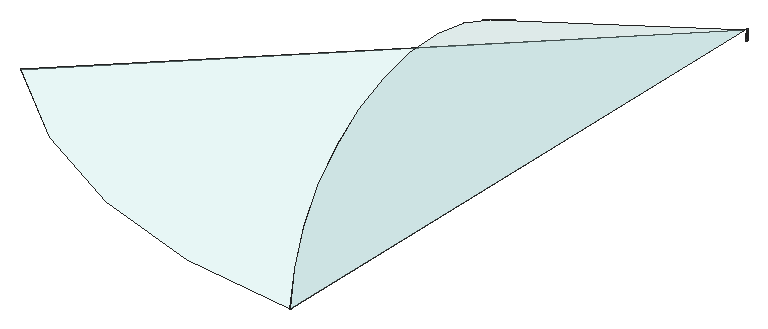
Revit family "Rotor 5000 Series - 5004+PCR", category Acessórios do tubo, Revit 2020
Family settings
  Cota do conector redondo = Utilizar diâmetro
  Tipo de parte = Normal
  Número OmniClass = 23.60.30.11.14
  Título OmniClass = Pipework Fittings
  Com base no plano de trabalho = Não
  Sempre na vertical = Sim
  Corte com vazios quando carregada = Não
  Compartilhado = Não
Parameters (values of type "Rain Curtain 6.0")
  Water = Water
  URL = "https://www.rainbird.com/"
  TABLE 65 = "TABLE 65psi"
  TABLE 55 75 = "TABLE 55 75psi"
  TABLE 55 = "TABLE 55psi"
  TABLE 45 = "TABLE 45psi"
  TABLE 35 = "TABLE 35psi"
  TABLE 25 = "TABLE 25psi"
  SupportProjetos: Reviw Date = ""  # constant formula
  SupportProjetos: Reviw = "R00"  # constant formula
  SupportProjetos: Level of Detail = "LOD 300"  # constant formula
  SupportProjetos: Developed = "MICHEL SOARES MOTA"  # constant formula
  SupportProjetos: Creation Date = "07/08/2020"  # constant formula
  Side inlet = no
  Rotation Water Visibility [instance] = Pop up on  # yes
  Rotation Angle [instance] = 45.00°
  RainBird: Product Link = "https://www.rainbird.com/"
  RainBird: Description = "5004+PCR Rotor "  # constant formula
  RainBird: Comment [instance] = ""
  RainBird: Code = "Y65000"  # constant formula
  Radius [instance] = if(and(Pressure = 25.0 psi, Instance < 25 ft), size_lookup(TABLE 25, "Radius", 0 ft, Instance), if(and(Pressure = 35.0 psi, Instance < 25 ft), size_lookup(TABLE 35, "Radius", 0 ft, Instance), if(and(Pressure = 45.0 psi, Instance < 25 ft), size_lookup(TABLE 45, "Radius", 0 ft, Instance), if(and(Pressure = 55.0 psi, Instance < 13 ft), size_lookup(TABLE 55, "Radius", 0 ft, Instance), if(and(Pressure = 65.0 psi, Instance < 13 ft), size_lookup(TABLE 65, "Radius", 0 ft, Instance), if(and(Pressure > 55.0 psi, Instance > 13 ft), size_lookup(TABLE 55 75, "Radius", 0 ft, Instance), 0 ft))))))  # 50 ft
  RT = 0.009893 ft
  RN = 0.032808 ft
  R5 = 0.03937 ft
  R4 = 0.04101 ft
  R3 = 0.065617 ft
  R2 = 0.075407 ft
  R1 = 0.032808 ft
  Pressure [instance] = 55.0 psi
  Pop up height = 0.334646 ft
  Pop up on [instance] = yes
  Modelo = "5004+PCR"  # constant formula
  Instance = 7 ft
  H1 = Body height / 3  # 0.194663 ft
  Flow [instance] = if(and(Pressure = 25.0 psi, Instance < 25 ft), size_lookup(TABLE 25, "Flow", 0.0 GPM, Instance), if(and(Pressure = 35.0 psi, Instance < 25 ft), size_lookup(TABLE 35, "Flow", 0.0 GPM, Instance), if(and(Pressure = 45.0 psi, Instance < 25 ft), size_lookup(TABLE 45, "Flow", 0.0 GPM, Instance), if(and(Pressure = 55.0 psi, Instance < 13 ft), size_lookup(TABLE 55, "Flow", 0.0 GPM, Instance), if(and(Pressure = 65.0 psi, Instance < 13 ft), size_lookup(TABLE 65, "Flow", 0.0 GPM, Instance), if(and(Pressure > 55.0 psi, Instance > 13 ft), size_lookup(TABLE 55 75, "Flow", 0.0 GPM, Instance), 0.0 GPM))))))  # 6.63 GPM
  Fabricante = "Rain Bird"
  Elevação padrão = 0 ft
  Description = RainBird: Description  # "5004+PCR Rotor "
  DD13 = 0.002625 ft
  DD12 = 0.003937 ft
  DD11 = 0.009897 ft
  DD10 = 0.016404 ft
  DD8 [instance] = if(Pop up on, Pop up height, 0 ft)  # 0.334646 ft
  DD7 = 0.019685 ft
  DD6 [instance] = 0.016404 ft
  DD5 = 0.065617 ft
  DD4 = 0.032808 ft
  DD3 = 0.091048 ft
  DD2 [instance] = 0.024514 ft
  DD9 [instance] = if(Pop up on, Pop up height + 0.049541 ft, 0 ft)  # 0.384186 ft
  DD1 = 0.006562 ft
  Conection = 0.062664 ft  # constant formula
  Body height = 0.58399 ft
  Blue = Blue Plastic
  Black Plastic = Black Plastic
  Angle = 25.00°
Types (25, lengths in ft): name | Rotation Angle | Radius | Pressure | Instance | Flow
  (no name) | 45.00° | 50 | 55.0 psi | 7 | 6.63 GPM
  Rain Curtain 1.5 | 180.00° | 33 | 25.0 psi | 1 | 1.12 GPM
  Rain Curtain 2.0 | 180.00° | 35 | 25.0 psi | 2 | 1.5 GPM
  Rain Curtain 3.0 | 180.00° | 36 | 25.0 psi | 4 | 2.26 GPM
  Rain Curtain 4.0 | 180.00° | 36 | 25.0 psi | 5 | 2.91 GPM
  Rain Curtain 5.0 | 180.00° | 37 | 25.0 psi | 6 | 3.72 GPM
  Rain Curtain 6.0 | 45.00° | 50 | 55.0 psi | 7 | 6.63 GPM
  Rain Curtain 8.0 | 180.00° | 33 | 25.0 psi | 8 | 5.9 GPM
  Rain Curtain 2.5 | 180.00° | 35 | 25.0 psi | 3 | 1.81 GPM
  1.0 LA | 180.00° | 25 | 25.0 psi | 9 | 0.76 GPM
  1.5 LA | 180.00° | 27 | 25.0 psi | 10 | 1.15 GPM
  2.0 LA | 180.00° | 29 | 25.0 psi | 11 | 1.47 GPM
  3.0 LA | 180.00° | 29 | 25.0 psi | 12 | 2.23 GPM
  PRS Rain Curtain 1.5 | 180.00° | 33 | 25.0 psi | 13 | 1.12 GPM
  PRS Rain Curtain 2.0 | 180.00° | 35 | 25.0 psi | 14 | 1.5 GPM
  PRS Rain Curtain 2.5 | 180.00° | 35 | 25.0 psi | 15 | 1.81 GPM
  PRS Rain Curtain 3.0 | 180.00° | 36 | 25.0 psi | 16 | 2.26 GPM
  PRS Rain Curtain 4.0 | 180.00° | 36 | 25.0 psi | 17 | 2.91 GPM
  PRS Rain Curtain 5.0 | 180.00° | 37 | 25.0 psi | 18 | 3.72 GPM
  PRS Rain Curtain 6.0 | 180.00° | 37 | 25.0 psi | 19 | 4.25 GPM
  PRS Rain Curtain 8.0 | 180.00° | 33 | 25.0 psi | 20 | 5.9 GPM
  PRS 1.0 LA | 180.00° | 25 | 25.0 psi | 21 | 0.76 GPM
  PRS 1.5 LA | 180.00° | 27 | 25.0 psi | 22 | 1.15 GPM
  PRS 2.0 LA | 180.00° | 29 | 25.0 psi | 23 | 1.47 GPM
  PRS 3.0 LA | 180.00° | 29 | 25.0 psi | 24 | 2.23 GPM
Reference planes (ft)
  plane 1 "Centro (Frente/Trás)": y = 0
  plane 2: z = 0
  plane 3 "Centro (Esquerda/Direita)": x = 0
  plane 4: z = 0.003937
  plane 5: z = 0.002625
  plane 6: y = -0.065617
Forms (ft)
  Revolve 1, solid, material "Black Plastic" <- "Black Plastic"
    sketch origin (0, 0, 0) x (1, 0, 0) y (0, 0, 1)
      loop
        line (0.075407, -0.091048) -> (0.075407, -0.035324)
        arc (0.075407, -0.035324) -> (0.072509, -0.028329) -> (0.065514, -0.025431) r 0.009893
        line (0.065514, -0.025431) -> (0.046098, -0.025431) -> (0.046098, 0) -> (0.03937, 0) -> (0.03937, -0.334646) -> (0.019685, -0.334646) -> (0.019685, -0.577428) -> (0.032808, -0.577428) -> (0.032808, -0.58399) -> (0.04101, -0.58399) -> (0.04101, -0.577428) -> (0.055724, -0.577428)
        arc (0.055724, -0.577428) -> (0.062719, -0.57453) -> (0.065617, -0.567535) r 0.009893
        line (0.065617, -0.567535) -> (0.065617, -0.091048) -> (0.075407, -0.091048)
      axis (0, -0.58399) -> (0, 0)
    angle from 0 to 360
  Extrusion 2, solid, material "Black Plastic" <- "Black Plastic"
    sketch origin (0, 0, 0) x (1, 0, 0) y (0, 1, 0)
      loop
        circle (0, 0) r 0.032808
    from -0.334646 to 0.334646
  Extrusion 3, void
    sketch origin (0, 0, 0) x (1, 0, 0) y (0, 1, 0)
      loop
        circle (0, 0) r 0.022844
    from -0.334646 to 0.334646
  Revolve 4, solid, material "Black Plastic" <- "Black Plastic"
    sketch origin (0, 0, 0) x (1, 0, 0) y (0, 0, 1)
      loop
        line (0, 0.334646) -> (0.037004, 0.334646) -> (0.037004, 0.344543)
        arc (0.037004, 0.344543) -> (0.01879, 0.349436) -> (0, 0.35105) r 0.10685
        line (0, 0.35105) -> (0, 0.334646)
      axis (0, 0.334646) -> (0, 0.35105)
    angle from 0 to 360
  Extrusion 5, solid, material "Blue Plastic" <- "Blue"
    sketch origin (0, 0, 0) x (1, 0, 0) y (0, 0, 1)
      loop
        circle (0, 0.310131) r 0.009129
      loop
        circle (0, 0.310131) r 0.004793
    from 0 to 0.034386
  Extrusion 6, void
    sketch origin (0, 0, 0) x (1, 0, 0) y (0, 0, 1)
      loop
        line (-0.02074, 0.328055) -> (-0.02074, 0.282426) -> (0.020672, 0.282426) -> (0.020672, 0.328055) -> (-0.02074, 0.328055)
      loop
        line (-0.018439, 0.325179) -> (-0.018439, 0.285685) -> (0.018179, 0.285685) -> (0.018179, 0.325179) -> (-0.018439, 0.325179)
    from 0.024556 to 0.06931
  Extrusion 7, solid, material "Black Plastic" <- "Black Plastic"
    sketch origin (0, 0, 0) x (1, 0, 0) y (0, 0, 1)
      loop
        line (0.046098, 0) -> (0.046098, -0.036876) -> (0.073493, -0.036876) -> (0.046098, 0)
    from -0.002998 to 0.002998
  Extrusion 8, solid, material "Black Plastic" <- "Black Plastic"
    sketch origin (0, 0, 0) x (-1, 0, 0) y (0, 0, -1)
      loop
        line (0.046098, 0) -> (0.073493, 0.036876) -> (0.046098, 0.036876) -> (0.046098, 0)
    from -0.002998 to 0.002998
  Extrusion 9, solid, material "Black Plastic" <- "Black Plastic"
    sketch origin (0, 0, 0) x (0.866025, 0.5, 0) y (0, 0, 1)
      loop
        line (0.046098, 0) -> (0.046098, -0.036876) -> (0.073493, -0.036876) -> (0.046098, 0)
    from -0.002998 to 0.002998
  Extrusion 10, solid, material "Black Plastic" <- "Black Plastic"
    sketch origin (0, 0, 0) x (-0.866025, -0.5, 0) y (0, 0, -1)
      loop
        line (0.046098, 0) -> (0.073493, 0.036876) -> (0.046098, 0.036876) -> (0.046098, 0)
    from -0.002998 to 0.002998
  Extrusion 11, solid, material "Black Plastic" <- "Black Plastic"
    sketch origin (0, 0, 0) x (0, 1, 0) y (0, 0, 1)
      loop
        line (0.046098, 0) -> (0.046098, -0.036876) -> (0.073493, -0.036876) -> (0.046098, 0)
    from -0.002998 to 0.002998
  Extrusion 12, solid, material "Black Plastic" <- "Black Plastic"
    sketch origin (0, 0, 0) x (0, -1, 0) y (0, 0, -1)
      loop
        line (0.046098, 0) -> (0.073493, 0.036876) -> (0.046098, 0.036876) -> (0.046098, 0)
    from -0.002998 to 0.002998
  Extrusion 13, solid, material "Black Plastic" <- "Black Plastic"
    sketch origin (0, 0, 0) x (0.5, 0.866025, 0) y (0, 0, 1)
      loop
        line (0.046098, 0) -> (0.046098, -0.036876) -> (0.073493, -0.036876) -> (0.046098, 0)
    from -0.002998 to 0.002998
  Extrusion 14, solid, material "Black Plastic" <- "Black Plastic"
    sketch origin (0, 0, 0) x (-0.5, -0.866025, 0) y (0, 0, -1)
      loop
        line (0.046098, 0) -> (0.073493, 0.036876) -> (0.046098, 0.036876) -> (0.046098, 0)
    from -0.002998 to 0.002998
  Extrusion 15, solid, material "Black Plastic" <- "Black Plastic"
    sketch origin (0, 0, 0) x (-0.5, 0.866025, 0) y (0, 0, 1)
      loop
        line (0.046098, 0) -> (0.046098, -0.036876) -> (0.073493, -0.036876) -> (0.046098, 0)
    from -0.002998 to 0.002998
  Extrusion 16, solid, material "Black Plastic" <- "Black Plastic"
    sketch origin (0, 0, 0) x (0.5, -0.866025, 0) y (0, 0, -1)
      loop
        line (0.046098, 0) -> (0.073493, 0.036876) -> (0.046098, 0.036876) -> (0.046098, 0)
    from -0.002998 to 0.002998
  Extrusion 17, solid, material "Black Plastic" <- "Black Plastic"
    sketch origin (0, 0, 0) x (-0.866025, 0.5, 0) y (0, 0, 1)
      loop
        line (0.046098, 0) -> (0.046098, -0.036876) -> (0.073493, -0.036876) -> (0.046098, 0)
    from -0.002998 to 0.002998
  Extrusion 18, solid, material "Black Plastic" <- "Black Plastic"
    sketch origin (0, 0, 0) x (0.866025, -0.5, 0) y (0, 0, -1)
      loop
        line (0.046098, 0) -> (0.073493, 0.036876) -> (0.046098, 0.036876) -> (0.046098, 0)
    from -0.002998 to 0.002998
  Extrusion 19, void
    sketch origin (0, 0, 0) x (1, 0, 0) y (0, 1, 0)
      loop
        line (-0.002998, 0.077702) -> (-0.002998, 0.071655) -> (0.002998, 0.071655) -> (0.002998, 0.077702) -> (-0.002998, 0.077702)
    from -0.091048 to 0.82021
  Extrusion 20, void
    sketch origin (0, 0, 0) x (1, 0, 0) y (0, 1, 0)
      loop
        line (0.002998, -0.077702) -> (0.002998, -0.071655) -> (-0.002998, -0.071655) -> (-0.002998, -0.077702) -> (0.002998, -0.077702)
    from -0.091048 to 0.82021
  Extrusion 21, void
    sketch origin (0, 0, 0) x (0.965926, 0.258819, 0) y (-0.258819, 0.965926, 0)
      loop
        line (-0.002998, 0.077702) -> (-0.002998, 0.071655) -> (0.002998, 0.071655) -> (0.002998, 0.077702) -> (-0.002998, 0.077702)
    from -0.091048 to 0.82021
  Extrusion 22, void
    sketch origin (0, 0, 0) x (0.965926, 0.258819, 0) y (-0.258819, 0.965926, 0)
      loop
        line (0.002998, -0.077702) -> (0.002998, -0.071655) -> (-0.002998, -0.071655) -> (-0.002998, -0.077702) -> (0.002998, -0.077702)
    from -0.091048 to 0.82021
  Extrusion 23, void
    sketch origin (0, 0, 0) x (0.866025, 0.5, 0) y (-0.5, 0.866025, 0)
      loop
        line (-0.002998, 0.077702) -> (-0.002998, 0.071655) -> (0.002998, 0.071655) -> (0.002998, 0.077702) -> (-0.002998, 0.077702)
    from -0.091048 to 0.82021
  Extrusion 24, void
    sketch origin (0, 0, 0) x (0.866025, 0.5, 0) y (-0.5, 0.866025, 0)
      loop
        line (0.002998, -0.077702) -> (0.002998, -0.071655) -> (-0.002998, -0.071655) -> (-0.002998, -0.077702) -> (0.002998, -0.077702)
    from -0.091048 to 0.82021
  Extrusion 25, void
    sketch origin (0, 0, 0) x (0.5, 0.866025, 0) y (-0.866025, 0.5, 0)
      loop
        line (-0.002998, 0.077702) -> (-0.002998, 0.071655) -> (0.002998, 0.071655) -> (0.002998, 0.077702) -> (-0.002998, 0.077702)
    from -0.091048 to 0.82021
  Extrusion 26, void
    sketch origin (0, 0, 0) x (0.5, 0.866025, 0) y (-0.866025, 0.5, 0)
      loop
        line (0.002998, -0.077702) -> (0.002998, -0.071655) -> (-0.002998, -0.071655) -> (-0.002998, -0.077702) -> (0.002998, -0.077702)
    from -0.091048 to 0.82021
  Extrusion 27, void
    sketch origin (0, 0, 0) x (0.707107, 0.707107, 0) y (-0.707107, 0.707107, 0)
      loop
        line (-0.002998, 0.077702) -> (-0.002998, 0.071655) -> (0.002998, 0.071655) -> (0.002998, 0.077702) -> (-0.002998, 0.077702)
    from -0.091048 to 0.82021
  Extrusion 28, void
    sketch origin (0, 0, 0) x (0.707107, 0.707107, 0) y (-0.707107, 0.707107, 0)
      loop
        line (0.002998, -0.077702) -> (0.002998, -0.071655) -> (-0.002998, -0.071655) -> (-0.002998, -0.077702) -> (0.002998, -0.077702)
    from -0.091048 to 0.82021
  Extrusion 29, void
    sketch origin (0, 0, 0) x (0.258819, 0.965926, 0) y (-0.965926, 0.258819, 0)
      loop
        line (-0.002998, 0.077702) -> (-0.002998, 0.071655) -> (0.002998, 0.071655) -> (0.002998, 0.077702) -> (-0.002998, 0.077702)
    from -0.091048 to 0.82021
  Extrusion 30, void
    sketch origin (0, 0, 0) x (0.258819, 0.965926, 0) y (-0.965926, 0.258819, 0)
      loop
        line (0.002998, -0.077702) -> (0.002998, -0.071655) -> (-0.002998, -0.071655) -> (-0.002998, -0.077702) -> (0.002998, -0.077702)
    from -0.091048 to 0.82021
  Extrusion 31, void
    sketch origin (0, 0, 0) x (0, 1, 0) y (-1, 0, 0)
      loop
        line (-0.002998, 0.077702) -> (-0.002998, 0.071655) -> (0.002998, 0.071655) -> (0.002998, 0.077702) -> (-0.002998, 0.077702)
    from -0.091048 to 0.82021
  Extrusion 32, void
    sketch origin (0, 0, 0) x (0, 1, 0) y (-1, 0, 0)
      loop
        line (0.002998, -0.077702) -> (0.002998, -0.071655) -> (-0.002998, -0.071655) -> (-0.002998, -0.077702) -> (0.002998, -0.077702)
    from -0.091048 to 0.82021
  Extrusion 33, void
    sketch origin (0, 0, 0) x (-0.258819, 0.965926, 0) y (-0.965926, -0.258819, 0)
      loop
        line (-0.002998, 0.077702) -> (-0.002998, 0.071655) -> (0.002998, 0.071655) -> (0.002998, 0.077702) -> (-0.002998, 0.077702)
    from -0.091048 to 0.82021
  Extrusion 34, void
    sketch origin (0, 0, 0) x (-0.258819, 0.965926, 0) y (-0.965926, -0.258819, 0)
      loop
        line (0.002998, -0.077702) -> (0.002998, -0.071655) -> (-0.002998, -0.071655) -> (-0.002998, -0.077702) -> (0.002998, -0.077702)
    from -0.091048 to 0.82021
  Extrusion 35, void
    sketch origin (0, 0, 0) x (-0.5, 0.866025, 0) y (-0.866025, -0.5, 0)
      loop
        line (-0.002998, 0.077702) -> (-0.002998, 0.071655) -> (0.002998, 0.071655) -> (0.002998, 0.077702) -> (-0.002998, 0.077702)
    from -0.091048 to 0.82021
  Extrusion 36, void
    sketch origin (0, 0, 0) x (-0.5, 0.866025, 0) y (-0.866025, -0.5, 0)
      loop
        line (0.002998, -0.077702) -> (0.002998, -0.071655) -> (-0.002998, -0.071655) -> (-0.002998, -0.077702) -> (0.002998, -0.077702)
    from -0.091048 to 0.82021
  Extrusion 37, void
    sketch origin (0, 0, 0) x (-0.707107, 0.707107, 0) y (-0.707107, -0.707107, 0)
      loop
        line (-0.002998, 0.077702) -> (-0.002998, 0.071655) -> (0.002998, 0.071655) -> (0.002998, 0.077702) -> (-0.002998, 0.077702)
    from -0.091048 to 0.82021
  Extrusion 38, void
    sketch origin (0, 0, 0) x (-0.707107, 0.707107, 0) y (-0.707107, -0.707107, 0)
      loop
        line (0.002998, -0.077702) -> (0.002998, -0.071655) -> (-0.002998, -0.071655) -> (-0.002998, -0.077702) -> (0.002998, -0.077702)
    from -0.091048 to 0.82021
  Extrusion 39, void
    sketch origin (0, 0, 0) x (-0.866025, 0.5, 0) y (-0.5, -0.866025, 0)
      loop
        line (-0.002998, 0.077702) -> (-0.002998, 0.071655) -> (0.002998, 0.071655) -> (0.002998, 0.077702) -> (-0.002998, 0.077702)
    from -0.091048 to 0.82021
  Extrusion 40, void
    sketch origin (0, 0, 0) x (-0.866025, 0.5, 0) y (-0.5, -0.866025, 0)
      loop
        line (0.002998, -0.077702) -> (0.002998, -0.071655) -> (-0.002998, -0.071655) -> (-0.002998, -0.077702) -> (0.002998, -0.077702)
    from -0.091048 to 0.82021
  Extrusion 41, void
    sketch origin (0, 0, 0) x (-0.965926, 0.258819, 0) y (-0.258819, -0.965926, 0)
      loop
        line (-0.002998, 0.077702) -> (-0.002998, 0.071655) -> (0.002998, 0.071655) -> (0.002998, 0.077702) -> (-0.002998, 0.077702)
    from -0.091048 to 0.82021
  Extrusion 42, void
    sketch origin (0, 0, 0) x (-0.965926, 0.258819, 0) y (-0.258819, -0.965926, 0)
      loop
        line (0.002998, -0.077702) -> (0.002998, -0.071655) -> (-0.002998, -0.071655) -> (-0.002998, -0.077702) -> (0.002998, -0.077702)
    from -0.091048 to 0.82021
  Extrusion 43, solid, material "Water" <- "Water", visible <- "Rotation Water Visibility"
    sketch origin (0, 0, 0) x (0, 1, 0) y (0, 0, 1)
      loop
        line (-0.032808, 0.310131) -> (-28.112196, 13.403765)
        arc (-28.112196, 13.403765) -> (-42.542576, 12.666347) -> (-50.032808, 0.310131) r 15.426605
        line (-50.032808, 0.310131) -> (-0.032808, 0.310131)
    from -0.008202 to 0.008202
Cuts and joins
  Extrusion 3, Extrusion 6 cuts Extrusion 2
  Extrusion 19, Extrusion 20, Extrusion 21, Extrusion 22, Extrusion 23, Extrusion 24, Extrusion 25, Extrusion 26, Extrusion 27, Extrusion 28, Extrusion 29, Extrusion 30, Extrusion 31, Extrusion 32, Extrusion 33, Extrusion 34, Extrusion 35, Extrusion 36, Extrusion 37, Extrusion 38, Extrusion 39, Extrusion 40, Extrusion 41, Extrusion 42 cuts Revolve 1
Dimensions and locks (ft)
  "Body height": level to Revolve 1 sketch curve
  "R2": Revolve 1 sketch curve to plane 3 "Centro (Esquerda/Direita)"
  "DD1": Revolve 1 sketch curve to Revolve 1 sketch curve
  "DD3": level to Revolve 1 sketch curve
  Revolve 1 sketch curve to plane 3 "Centro (Esquerda/Direita)" = 0.065617 ft
  "R4": Revolve 1 sketch curve to plane 3 "Centro (Esquerda/Direita)"
  "RN": Revolve 1 sketch curve to plane 3 "Centro (Esquerda/Direita)"
  "Pop up height": level to Revolve 1 sketch curve
  "R5": plane 3 "Centro (Esquerda/Direita)" to Revolve 1 sketch curve
  "DD7": Revolve 1 sketch curve to plane 3 "Centro (Esquerda/Direita)"
  "DD8": Extrusion 2 to level
  "DD12": plane 4 to level
  "DD13": plane 5 to level
  "R3": plane 6 to plane 1 "Centro (Frente/Trás)"
  "DD5": Revolve 1 sketch curve to Revolve 1 sketch curve
  "DD10": Revolve 4 sketch curve to Revolve 4 sketch curve
  "DD11": Revolve 4 sketch curve to Revolve 4 sketch curve
  "DD2": Revolve 4 to Extrusion 5 sketch curve  (x2)
  Extrusion 7 to plane 3 "Centro (Esquerda/Direita)" = 0.046098 ft
  equal spacing: Extrusion 7, plane 1 "Centro (Frente/Trás)", Extrusion 7
  Extrusion 8 to Extrusion 8 = 0.005995 ft
  Extrusion 9 to Extrusion 9 = 0.005995 ft
  Extrusion 20 sketch curve to Extrusion 20 sketch curve = 0.005995 ft
  Extrusion 22 sketch curve to Extrusion 22 sketch curve = 0.005995 ft
  Extrusion 24 sketch curve to Extrusion 24 sketch curve = 0.005995 ft
  Extrusion 26 sketch curve to Extrusion 26 sketch curve = 0.005995 ft
  Extrusion 28 sketch curve to Extrusion 28 sketch curve = 0.005995 ft
  Extrusion 30 sketch curve to Extrusion 30 sketch curve = 0.005995 ft
  Extrusion 32 sketch curve to Extrusion 32 sketch curve = 0.005995 ft
  Extrusion 34 sketch curve to Extrusion 34 sketch curve = 0.005995 ft
  Extrusion 36 sketch curve to Extrusion 36 sketch curve = 0.005995 ft
  Extrusion 38 sketch curve to Extrusion 38 sketch curve = 0.005995 ft
  Extrusion 40 sketch curve to Extrusion 40 sketch curve = 0.005995 ft
  Extrusion 42 sketch curve to Extrusion 42 sketch curve = 0.005995 ft
  "DD4": plane 1 "Centro (Frente/Trás)" to Extrusion 43 sketch curve
  "DD2": Revolve 4 to Extrusion 43 sketch curve
  "Radius": Extrusion 43 sketch curve to Extrusion 43 sketch curve
  equal spacing: Extrusion 43, plane 3 "Centro (Esquerda/Direita)", Extrusion 43
  "DD6": Extrusion 43 to Extrusion 43
  "DD2": Revolve 4 to nested 1
  "RT": radius of Revolve 1 sketch curve  (x2)
  "R1": radius of Extrusion 2 sketch curve
  "Angle": angle Extrusion 43 sketch curve to Extrusion 43 sketch curve
  aligned and locked: level to plane 2
  aligned and locked: Revolve 1 sketch curve to Revolve 1 sketch curve
  aligned and locked: Extrusion 2 to Revolve 1
  aligned and locked: cut or joined group of Extrusion 2, Extrusion 3, Extrusion 6 to cut or joined group of Extrusion 2, Extrusion 3, Extrusion 6  (x2)
  aligned and locked: Revolve 4 sketch curve to cut or joined group of Extrusion 2, Extrusion 3, Extrusion 6
  aligned and locked: Extrusion 20 to Revolve 1
  aligned and locked: Extrusion 22 to Revolve 1
  aligned and locked: Extrusion 24 to Revolve 1
  aligned and locked: Extrusion 28 to Revolve 1
  aligned and locked: Extrusion 26 to Revolve 1
  aligned and locked: Extrusion 30 to Revolve 1
  aligned and locked: Extrusion 32 to Revolve 1
  aligned and locked: Extrusion 34 to Revolve 1
  aligned and locked: Revolve 1 to Extrusion 36
  aligned and locked: Revolve 1 to Extrusion 38
  aligned and locked: Extrusion 41 to Revolve 1
  aligned and locked: Extrusion 39 to Revolve 1
  aligned and locked: Extrusion 37 to Revolve 1
  aligned and locked: Extrusion 35 to Revolve 1
  aligned and locked: Extrusion 33 to Revolve 1
  aligned and locked: Extrusion 31 to Revolve 1
  aligned and locked: Extrusion 29 to Revolve 1
  aligned and locked: Revolve 1 to Extrusion 25
  aligned and locked: Revolve 1 to Extrusion 27
  aligned and locked: Revolve 1 to Extrusion 19
  aligned and locked: Revolve 1 to Extrusion 21
  aligned and locked: Revolve 1 to Extrusion 42
  aligned and locked: Revolve 1 to Extrusion 40
  aligned and locked: Revolve 1 to Extrusion 23
Automatic sketch dimensions
  plane 1 "Centro (Frente/Trás)" to Extrusion 2 sketch curve = 0 ft
  Extrusion 2 sketch curve to plane 3 "Centro (Esquerda/Direita)" = 0 ft
  plane 1 "Centro (Frente/Trás)" to Extrusion 3 sketch curve = 0 ft
  Extrusion 3 sketch curve to plane 3 "Centro (Esquerda/Direita)" = 0 ft
  Revolve 4 sketch curve to plane 3 "Centro (Esquerda/Direita)" = 0 ft  (x2)
  plane 3 "Centro (Esquerda/Direita)" to Revolve 4 sketch curve = 0.000284 ft
  plane 3 "Centro (Esquerda/Direita)" to Revolve 4 sketch curve = 0.037004 ft
  Revolve 4 sketch curve to Revolve 4 sketch curve = 0.015719 ft
  Revolve 4 sketch curve to Revolve 4 sketch curve = 0.114829 ft
  Extrusion 5 sketch curve to Extrusion 5 sketch curve = 0 ft
  Extrusion 5 sketch curve to plane 3 "Centro (Esquerda/Direita)" = 0 ft
  Extrusion 6 sketch curve to plane 3 "Centro (Esquerda/Direita)" = 0.02074 ft
  Extrusion 6 sketch curve to Extrusion 6 sketch curve = 0.002301 ft
  plane 3 "Centro (Esquerda/Direita)" to Extrusion 6 sketch curve = 0.018179 ft
  Extrusion 6 sketch curve to Extrusion 6 sketch curve = 0.002492 ft
  plane 4 to Extrusion 6 sketch curve = 0.278489 ft
  Extrusion 6 sketch curve to Extrusion 6 sketch curve = 0.003259 ft
  Extrusion 6 sketch curve to Extrusion 6 sketch curve = 0.039494 ft
  Extrusion 6 sketch curve to Extrusion 6 sketch curve = 0.002876 ft
  Extrusion 7 sketch curve to level = 0 ft
  plane 3 "Centro (Esquerda/Direita)" to Extrusion 7 sketch curve = 0.046098 ft
  Extrusion 7 sketch curve to Extrusion 7 sketch curve = 0.027396 ft
  Extrusion 7 sketch curve to Extrusion 7 sketch curve = 0.036876 ft
  Extrusion 8 sketch curve to level = 0 ft
  plane 3 "Centro (Esquerda/Direita)" to Extrusion 8 sketch curve = 0.046098 ft
  Extrusion 8 sketch curve to Extrusion 8 sketch curve = 0.027396 ft
  Extrusion 8 sketch curve to Extrusion 8 sketch curve = 0.036876 ft
  Extrusion 9 sketch curve to level = 0 ft
  Extrusion 9 sketch curve to level = 0.036876 ft
  Extrusion 9 sketch curve to Extrusion 9 sketch curve = 0.027396 ft
  Extrusion 10 sketch curve to level = 0 ft
  Extrusion 10 sketch curve to level = 0.036876 ft
  Extrusion 10 sketch curve to Extrusion 10 sketch curve = 0.027396 ft
  Extrusion 11 sketch curve to level = 0 ft
  Extrusion 11 sketch curve to plane 1 "Centro (Frente/Trás)" = 0.046098 ft
  Extrusion 11 sketch curve to Extrusion 11 sketch curve = 0.027396 ft
  Extrusion 11 sketch curve to Extrusion 11 sketch curve = 0.036876 ft
  Extrusion 12 sketch curve to level = 0 ft
  plane 6 to Extrusion 12 sketch curve = 0.019519 ft
  Extrusion 12 sketch curve to plane 6 = 0.007877 ft
  Extrusion 12 sketch curve to level = 0.036876 ft
  Extrusion 13 sketch curve to level = 0 ft
  Extrusion 13 sketch curve to level = 0.036876 ft
  Extrusion 13 sketch curve to Extrusion 13 sketch curve = 0.027396 ft
  Extrusion 14 sketch curve to level = 0 ft
  Extrusion 14 sketch curve to level = 0.036876 ft
  Extrusion 14 sketch curve to Extrusion 14 sketch curve = 0.027396 ft
  level to Extrusion 15 sketch curve = 0 ft
  Extrusion 15 sketch curve to level = 0.036876 ft
  Extrusion 15 sketch curve to Extrusion 15 sketch curve = 0.027396 ft
  level to Extrusion 16 sketch curve = 0 ft
  Extrusion 16 sketch curve to level = 0.036876 ft
  Extrusion 16 sketch curve to Extrusion 16 sketch curve = 0.027396 ft
  level to Extrusion 17 sketch curve = 0 ft
  Extrusion 17 sketch curve to level = 0.036876 ft
  Extrusion 17 sketch curve to Extrusion 17 sketch curve = 0.027396 ft
  level to Extrusion 18 sketch curve = 0 ft
  Extrusion 18 sketch curve to level = 0.036876 ft
  Extrusion 18 sketch curve to Extrusion 18 sketch curve = 0.027396 ft
  Extrusion 19 sketch curve to plane 3 "Centro (Esquerda/Direita)" = 0.002998 ft
  Extrusion 19 sketch curve to plane 1 "Centro (Frente/Trás)" = 0.071655 ft
  Extrusion 19 sketch curve to Extrusion 19 sketch curve = 0.006047 ft
  plane 3 "Centro (Esquerda/Direita)" to Extrusion 20 sketch curve = 0.002998 ft
  plane 6 to Extrusion 20 sketch curve = 0.006038 ft
  Extrusion 20 sketch curve to Extrusion 20 sketch curve = 0.006047 ft
  plane 3 "Centro (Esquerda/Direita)" to Extrusion 19 sketch curve = 0.002998 ft
  Extrusion 21 sketch curve to plane 3 "Centro (Esquerda/Direita)" = 0.021441 ft
  Extrusion 21 sketch curve to plane 1 "Centro (Frente/Trás)" = 0.068438 ft
  Extrusion 21 sketch curve to Extrusion 21 sketch curve = 0.005995 ft
  Extrusion 21 sketch curve to Extrusion 21 sketch curve = 0.006047 ft
  Extrusion 22 sketch curve to plane 6 = 0.010213 ft
  plane 3 "Centro (Esquerda/Direita)" to Extrusion 22 sketch curve = 0.017215 ft
  Extrusion 22 sketch curve to Extrusion 22 sketch curve = 0.006047 ft
  Extrusion 23 sketch curve to plane 3 "Centro (Esquerda/Direita)" = 0.038424 ft
  Extrusion 23 sketch curve to plane 1 "Centro (Frente/Trás)" = 0.060556 ft
  Extrusion 23 sketch curve to Extrusion 23 sketch curve = 0.005995 ft
  Extrusion 23 sketch curve to Extrusion 23 sketch curve = 0.006047 ft
  Extrusion 24 sketch curve to plane 6 = 0.003174 ft
  plane 3 "Centro (Esquerda/Direita)" to Extrusion 24 sketch curve = 0.036255 ft
  Extrusion 24 sketch curve to Extrusion 24 sketch curve = 0.006047 ft
  Extrusion 25 sketch curve to plane 1 "Centro (Frente/Trás)" = 0.033231 ft
  Extrusion 25 sketch curve to plane 3 "Centro (Esquerda/Direita)" = 0.063554 ft
  Extrusion 25 sketch curve to Extrusion 25 sketch curve = 0.005995 ft
  Extrusion 25 sketch curve to Extrusion 25 sketch curve = 0.006047 ft
  Extrusion 26 sketch curve to plane 6 = 0.02417 ft
  Extrusion 26 sketch curve to plane 3 "Centro (Esquerda/Direita)" = 0.065793 ft
  Extrusion 26 sketch curve to Extrusion 26 sketch curve = 0.006047 ft
  Extrusion 27 sketch curve to plane 1 "Centro (Frente/Trás)" = 0.048548 ft
  Extrusion 27 sketch curve to plane 3 "Centro (Esquerda/Direita)" = 0.052787 ft
  Extrusion 27 sketch curve to Extrusion 27 sketch curve = 0.005995 ft
  Extrusion 27 sketch curve to Extrusion 27 sketch curve = 0.006047 ft
  plane 6 to Extrusion 28 sketch curve = 0.008554 ft
  plane 3 "Centro (Esquerda/Direita)" to Extrusion 28 sketch curve = 0.052824 ft
  Extrusion 28 sketch curve to Extrusion 28 sketch curve = 0.006047 ft
  Extrusion 29 sketch curve to plane 1 "Centro (Frente/Trás)" = 0.01565 ft
  Extrusion 29 sketch curve to plane 3 "Centro (Esquerda/Direita)" = 0.069989 ft
  Extrusion 29 sketch curve to Extrusion 29 sketch curve = 0.005995 ft
  Extrusion 29 sketch curve to Extrusion 29 sketch curve = 0.006047 ft
  plane 1 "Centro (Frente/Trás)" to Extrusion 30 sketch curve = 0.023006 ft
  plane 3 "Centro (Esquerda/Direita)" to Extrusion 30 sketch curve = 0.074278 ft
  Extrusion 30 sketch curve to Extrusion 30 sketch curve = 0.006047 ft
  plane 1 "Centro (Frente/Trás)" to Extrusion 31 sketch curve = 0.002998 ft
  Extrusion 31 sketch curve to plane 1 "Centro (Frente/Trás)" = 0.002998 ft
  Extrusion 31 sketch curve to plane 3 "Centro (Esquerda/Direita)" = 0.071655 ft
  Extrusion 31 sketch curve to Extrusion 31 sketch curve = 0.006047 ft
  plane 1 "Centro (Frente/Trás)" to Extrusion 32 sketch curve = 0.002998 ft
  plane 3 "Centro (Esquerda/Direita)" to Extrusion 32 sketch curve = 0.077702 ft
  Extrusion 32 sketch curve to Extrusion 32 sketch curve = 0.006047 ft
  plane 1 "Centro (Frente/Trás)" to Extrusion 33 sketch curve = 0.021441 ft
  Extrusion 33 sketch curve to plane 3 "Centro (Esquerda/Direita)" = 0.068438 ft
  Extrusion 33 sketch curve to Extrusion 33 sketch curve = 0.005995 ft
  Extrusion 33 sketch curve to Extrusion 33 sketch curve = 0.006047 ft
  Extrusion 34 sketch curve to plane 1 "Centro (Frente/Trás)" = 0.017215 ft
  plane 3 "Centro (Esquerda/Direita)" to Extrusion 34 sketch curve = 0.07583 ft
  Extrusion 34 sketch curve to Extrusion 34 sketch curve = 0.006047 ft
  plane 6 to Extrusion 35 sketch curve = 0.027193 ft
  Extrusion 35 sketch curve to plane 3 "Centro (Esquerda/Direita)" = 0.060556 ft
  Extrusion 35 sketch curve to Extrusion 35 sketch curve = 0.005995 ft
  Extrusion 35 sketch curve to Extrusion 35 sketch curve = 0.006047 ft
  Extrusion 36 sketch curve to plane 1 "Centro (Frente/Trás)" = 0.036255 ft
  plane 3 "Centro (Esquerda/Direita)" to Extrusion 36 sketch curve = 0.068791 ft
  Extrusion 36 sketch curve to Extrusion 36 sketch curve = 0.006047 ft
  plane 6 to Extrusion 37 sketch curve = 0.012829 ft
  Extrusion 37 sketch curve to plane 3 "Centro (Esquerda/Direita)" = 0.048548 ft
  Extrusion 37 sketch curve to Extrusion 37 sketch curve = 0.005995 ft
  Extrusion 37 sketch curve to Extrusion 37 sketch curve = 0.006047 ft
  Extrusion 38 sketch curve to plane 1 "Centro (Frente/Trás)" = 0.052824 ft
  plane 3 "Centro (Esquerda/Direita)" to Extrusion 38 sketch curve = 0.057063 ft
  Extrusion 38 sketch curve to Extrusion 38 sketch curve = 0.006047 ft
  plane 6 to Extrusion 39 sketch curve = 0.002063 ft
  Extrusion 39 sketch curve to plane 3 "Centro (Esquerda/Direita)" = 0.033231 ft
  Extrusion 39 sketch curve to Extrusion 39 sketch curve = 0.005995 ft
  Extrusion 39 sketch curve to Extrusion 39 sketch curve = 0.006047 ft
  plane 3 "Centro (Esquerda/Direita)" to Extrusion 40 sketch curve = 0.041447 ft
  Extrusion 40 sketch curve to plane 1 "Centro (Frente/Trás)" = 0.065793 ft
  Extrusion 40 sketch curve to Extrusion 40 sketch curve = 0.006047 ft
  Extrusion 41 sketch curve to plane 6 = 0.004372 ft
  Extrusion 41 sketch curve to plane 3 "Centro (Esquerda/Direita)" = 0.01565 ft
  Extrusion 41 sketch curve to Extrusion 41 sketch curve = 0.005995 ft
  Extrusion 41 sketch curve to Extrusion 41 sketch curve = 0.006047 ft
  plane 3 "Centro (Esquerda/Direita)" to Extrusion 42 sketch curve = 0.023006 ft
  Extrusion 42 sketch curve to plane 1 "Centro (Frente/Trás)" = 0.074278 ft
  Extrusion 42 sketch curve to Extrusion 42 sketch curve = 0.006047 ft
  Revolve 1 sketch curve to plane 3 "Centro (Esquerda/Direita)" = 0 ft
  Revolve 1 sketch curve to level = 0 ft
  Revolve 1 sketch curve to Revolve 1 sketch curve = 0.019416 ft
  plane 4 to Revolve 1 sketch curve = 0.079347 ft
  Revolve 1 sketch curve to Revolve 1 sketch curve = 0.918635 ft
  Extrusion 43 sketch curve to level = 0.577487 ft
  radius of Extrusion 3 sketch curve = 0.022844 ft
  radius of Extrusion 5 sketch curve = 0.009129 ft
  radius of Extrusion 5 sketch curve = 0.004793 ft
Nested families (ft)
  nested 1: "Water" at (0.00015, 0, 0.190874) x (0, -1, 0) z (0, 0, 1), DT9 <- "DD4", Radius <- "Radius", visible <- "Rotation Water Visibility", Rotation Angle <- "Rotation Angle", type "Water"
    with Rotation Angle 45.00°, Radius 50 ft, DT9 0.032808 ft, DT8 0 ft, DT7 200 ft, DT4 250 ft, Angle 2 315.00°
Connectors (ft)
  piping at (0, 0, -0.58399), diameter 2
    settings: on cut or joined group of Revolve 1, Extrusion 19, Extrusion 20, Extrusion 21, Extrusion 22, Extrusion 23, Extrusion 24, Extrusion 25, Extrusion 26, Extrusion 27, Extrusion 28, Extrusion 29, Extrusion 30, Extrusion 31, Extrusion 32, Extrusion 33, Extrusion 34, Extrusion 35, Extrusion 36, Extrusion 37, Extrusion 38, Extrusion 39, Extrusion 40, Extrusion 41, Extrusion 42, index 1, connector inside diameter 609.6 mm, connector length 0 ft, flow factor 0, pipe flow 0.0 GPM, pressure drop 0.0 psi, fitting loss kfactor 0, connector angle 0.00°, fixture units 0, engagement length 0 ft, angle of deflection 0.00°, flow configuration 0, flow direction 0, fitting loss method 0, system type 28, joint type 0, gender type 0, connector reference index -1, connector utility 0, adjustable connector no, is connector primary yes, connector description ""
Definition of nested family "Water"
  Parameters (values of type "Water")
    Water Visibility (Circle) = yes
    Water = none
    URL = ""
    SupportProjetos: Reviw Date = ""  # constant formula
    SupportProjetos: Level of Detail = "LOD 300"  # constant formula
    SupportProjetos: Developed = "MICHEL SOARES MOTA"  # constant formula
    SupportProjetos: Creation Date = "16/07/2020"  # constant formula
    Rotation Angle [instance] = 90.00°
    Reviw = "R00"  # constant formula
    Radius [instance] = 14 ft
    Model = ""
    Default Elevation = 4 ft
    Description = ""
    DT9 [instance] = 0.032808 ft
    DT8 [instance] = if(Rotation Angle = 360.00°, 10 ft, 0 ft)  # 0 ft
    DT7 [instance] = 4 * Radius  # 56 ft
    DT4 [instance] = 5 * Radius  # 70 ft
    DT2 = 0.098425 ft  # constant formula
    DT6 = 0 ft
    Angle 2 [instance] = if(Rotation Angle = 360.00°, 180.00°, 360.00° - Rotation Angle)  # 270.00°
  Reference planes (ft)
    plane 1 "Centro (Frente/Trás)": y = 0
    plane 2: z = 0
    plane 3 "Centro (Esquerda/Direita)": x = 0
  Forms (ft)
    Revolve 1, solid, material <- "Water", visible <- "Water Visibility (Circle)"
      sketch origin (0, 0, 0) x (1, 0, 0) y (0, 0, 1)
        loop
          line (0.032808, 0.098425) -> (14.032808, 0.098425) -> (14.032808, 0.119259) -> (0.032808, 0.119259) -> (0.032808, 0.098425)
        axis (0, 0.098425) -> (0, 0.119259)
      angle from 0 to 360
    Extrusion 2, void
      sketch origin (0, 0, 0) x (1, 0, 0) y (0, 1, 0)
        loop
          line (0, 0) -> (70, 0) -> (70, 56)
          arc (70, 56) -> (-70.459018, 51.588344) -> (0, -70) r 81.847109
          line (0, -70) -> (0, 0)
      from 0 to 15.189231
  Cuts and joins
    Extrusion 2 cuts Revolve 1
  Dimensions and locks (ft)
    "DT2": Revolve 1 sketch curve to level
    "DT4": Extrusion 2 sketch curve to Extrusion 2 sketch curve  (x2)
    "DT6": Extrusion 2 sketch curve to plane 3 "Centro (Esquerda/Direita)"
    "DT7": Extrusion 2 sketch curve to Extrusion 2 sketch curve
    "DT8": cut or joined group of Revolve 1, Extrusion 2 to level
    "Radius": Revolve 1 sketch curve to Revolve 1 sketch curve
    "DT9": Revolve 1 sketch curve to plane 3 "Centro (Esquerda/Direita)"
    "Angle 2": angle Extrusion 2 sketch curve to Extrusion 2 sketch curve
    aligned and locked: level to plane 2
    aligned and locked: plane 1 "Centro (Frente/Trás)" to Extrusion 2 sketch curve
  Automatic sketch dimensions
    plane 3 "Centro (Esquerda/Direita)" to Extrusion 2 sketch curve = 1.088227 ft
    Revolve 1 sketch curve to plane 3 "Centro (Esquerda/Direita)" = 0 ft
    Revolve 1 sketch curve to Revolve 1 sketch curve = 0.020833 ft
    Revolve 1 sketch curve to Revolve 1 sketch curve = 0.032113 ft
    Revolve 1 sketch curve to Revolve 1 sketch curve = 10.2693 ft
